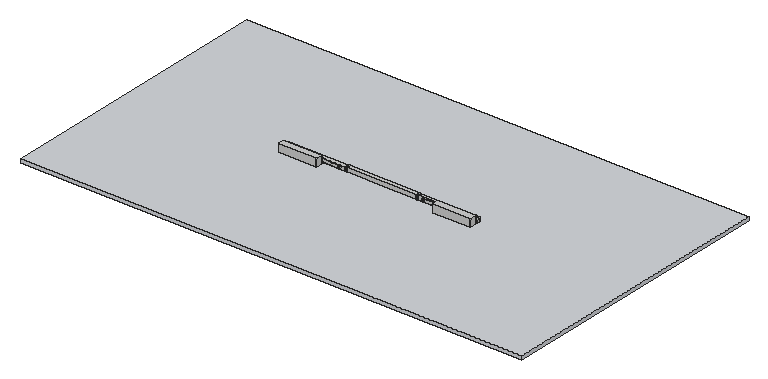
Revit family "Doors - Hardware_Double-Door_Dormakaba_TS98-GSR-EMF-XEA", category Allgemeines Modell, Revit 2016
Family settings
  Basisbauteil = Fläche
  Teiletyp = Normal
  Kann Basisbauteil für Bewehrung sein = Nein
  Bemaßung runder Anschluss = Durchmesser verwenden
  OmniClass-Nummer = 23.30.40.11.27.11
  OmniClass-Titel = Door Closers
  Beim Laden mit Abzugskörper schneiden = Nein
  Gemeinsam genutzt = Nein
  Raumberechnungspunkt = Nein
Parameters
  Youtube clip = ""
  Weight Net (Kg) = "3.7"
  Uniformat II Description = ""
  Uniformat II Code = ""
  Uniclass 2015 Name = "Uncontrolled door closers"
  Uniclass 2015 Code = "Pr_30_36_59_92"
  Uniclass 2.0 Description = ""
  Uniclass 2.0 Code = ""
  Uniclass 1.4 Description = "Door closers"
  Uniclass 1.4 Code = "L41812"
  UNSPSC Code = ""
  Technical description = ""
  Push side = TS98-GSR-EMF-XEA_Push-Side-Door_Fixing : TS98-GSR-EMF-XEA_Push-Side-Door_Fixing
  Pull Side Door = TS98-GSR-EMF-XEA-Pull-Side-Door_Fixing : TS98-GSR-EMF-XEA-Pull-Side-Door_Fixing
  Product url = "http://www.dorma.com/gb/en/products/opening_closing/door_closers/index-23222-23225.html"
  Product certification = ""
  Product SKU = "g-sr_emf_xea"
  Primary Material = Aluminium-Dormakaba-Anodized Silver
  Operator Length [instance] = if(Door Closers Types = Pull Side Door, 592 mm, 627 mm)  # 592 mm
  Opening Angle = 0.00°
  OmniClass Description = "Door Closers"
  OmniClass Code = "23-17 19 11 19 11"
  Nominal width = 3051 mm
  Nominal height = 30 mm
  NBS Reference Description = "Door Hardware Systems"
  NBS Reference Code = "25-38-20-20"
  Max Depth Jamb to Door = if(and(Door Closers Types = Pull Side Door, Depth Jamb to Door > 16 mm), 16 mm, if(and(Door Closers Types = Push side, Depth Jamb to Door > 26 mm), 26 mm, Depth Jamb to Door))  # 0 mm
  Material secondary = "Zink"
  Material main = "Aluminium"
  Manufacturer name = "DORMA"
  Manufacturer country = "Germany"
  Installation instructions = ""
  Hinge Length Constraint [instance] = if(and(Door Closers Types = Pull Side Door, Hinge Distance < 1220 mm), 1220 mm, if(and(Door Closers Types = Push side, Hinge Distance < 1350 mm), 1350 mm, if(and(Door Closers Types = Pull Side Door, Hinge Distance > 3200 mm), 3200 mm, if(and(Door Closers Types = Push side, Hinge Distance > 3200 mm), 3200 mm, Hinge Distance))))  # 1800 mm
  Hinge Distance = 1800 mm
  Height Clearance [instance] = if(Door Closers Types = Push side, 130 mm, 143 mm)  # 143 mm
  Front Position Closer Height [instance] = if(Door Closers Types = Pull Side Door, 96 mm, 83 mm)  # 96 mm
  Extension Legth [instance] = Hinge Length Constraint - 2 * Operator Length  # 616 mm
  Extension Height = 17 mm  # constant formula
  Edition number = 1
  EAN code = ""
  Door Closers Types = TS98-GSR-EMF-XEA-Pull-Side-Door_Fixing : TS98-GSR-EMF-XEA-Pull-Side-Door_Fixing
  Design country = "Germany"
  Depth Jamb to Door = 0 mm
  Default Elevation = 1219.2 mm
  Date of publishing = ""
  Clearance Visibility [instance] = yes
  Brand url = "http://www.dormakaba.com"
Reference planes
  plane 1 "Center (Front/Back)": y = 0
  plane 2: z = 0
  plane 3 "Center (Left/Right)": x = 0
  plane 4: y = -100
  plane 5: x = 74.5
  plane 6: y = -4
  plane 7: x = 1800
  plane 8: x = 1725.5
  plane 9: x = 592
  plane 10: x = 1208
  plane 11: y = 13
  plane 12: y = 35.947
  plane 13: x = 583
  plane 14: x = 601
  plane 15: x = 1199
  plane 16: y = 12
  plane 17: x = 1217
  plane 18: y = 43.305
  plane 19: z = 0
Forms (mm)
  Extrusion 1, solid
    sketch origin (0, 0, 0) x (1, 0, 0) y (0, 1, 0)
      loop
        line (-1219.2, 1219.2) -> (-1219.2, -1219.2) -> (3090.003, -1219.2) -> (3090.003, 1219.2) -> (-1219.2, 1219.2)
    from 0 to -33.658
  Extrusion 2, solid, material "Aluminium-Dormakaba-Anodized Silver" <- "Primary Material"
    sketch origin (0, 0, 0) x (1, 0, 0) y (0, 1, 0)
      loop
        line (592, 13) -> (1208, 13) -> (1208, 43) -> (592, 43) -> (592, 13)
    from 0 to 34
  Extrusion 3, solid, material "Aluminium-Dormakaba-Anodized Silver" <- "Primary Material"
    sketch origin (0, 0, 0) x (1, 0, 0) y (0, 1, 0)
      loop
        line (583, 12) -> (601, 12) -> (601, 44.602) -> (583, 44.602) -> (583, 12)
    from 0 to 35
  Extrusion 4, solid, material "Aluminium-Dormakaba-Anodized Silver" <- "Primary Material"
    sketch origin (246, 0, 0) x (1, 0, 0) y (0, 1, 0)
      loop
        line (953, 12) -> (971, 12) -> (971, 44.602) -> (953, 44.602) -> (953, 12)
    from 0 to 35
Dimensions and locks
  locked: plane 4 to plane 1 "Center (Front/Back)" at 100
  locked: plane 3 "Center (Left/Right)" to plane 5 at 74.5
  "Front Position Closer Height": plane 6 to plane 4
  locked: plane 8 to plane 7 at 74.5
  "Hinge Length Constraint": plane 3 "Center (Left/Right)" to plane 7
  "Operator Length": plane 3 "Center (Left/Right)" to plane 9
  "Extension Height": plane 11 to plane 6
  plane 13 to plane 9 to plane 14 = 9 mm locked, 9 mm locked
  "Extension Legth": plane 9 to plane 10
  plane 15 to plane 10 to plane 17 = 9 mm locked, 9 mm locked
  Extrusion 4 sketch curve to Extrusion 4 sketch curve = 32.602 mm
  plane 16 to Extrusion 3 sketch curve = 32.602 mm
  locked: plane 11 to plane 16 at 1
  Extrusion 2 sketch curve to Extrusion 2 sketch curve = 30 mm
  "Max Depth Jamb to Door": plane 2 to plane 19
  aligned and locked: Extrusion 1 to plane 2
  aligned and locked: Extrusion 1 to level
  aligned and locked: Extrusion 2 to plane 9  (x3)
  aligned and locked: Extrusion 3 sketch curve to plane 13
  aligned and locked: plane 14 to Extrusion 3 sketch curve
  aligned and locked: plane 16 to Extrusion 3  (x4)
  aligned and locked: plane 10 to Extrusion 2  (x3)
  aligned and locked: plane 16 to Extrusion 4  (x4)
  aligned and locked: Extrusion 4 to plane 15  (x3)
  aligned and locked: plane 17 to Extrusion 4  (x3)
  aligned and locked: Extrusion 3 to plane 13  (x3)
  aligned and locked: plane 14 to Extrusion 3  (x3)
  aligned and locked: Extrusion 4 to Extrusion 3
  aligned and locked: Extrusion 2 to plane 11
  aligned and locked: plane 3 "Center (Left/Right)" to nested 1
  aligned and locked: nested 1 to plane 6
  aligned and locked: plane 7 to nested 2
  aligned and locked: nested 2 to plane 6
  aligned and locked: plane 4 to nested 3
  aligned and locked: plane 3 "Center (Left/Right)" to nested 3
  aligned and locked: nested 4 to plane 19
  aligned and locked: plane 3 "Center (Left/Right)" to nested 4
Automatic sketch dimensions
  Extrusion 1 sketch curve to Extrusion 1 sketch curve = 4309.203 mm
  Extrusion 1 sketch curve to Extrusion 1 sketch curve = 2438.4 mm
  Extrusion 2 sketch curve to plane 9 = 0 mm
  Extrusion 2 sketch curve to plane 11 = 0 mm
  plane 16 to Extrusion 3 sketch curve = 0 mm
  Extrusion 4 sketch curve to plane 15 = 0 mm
  Extrusion 4 sketch curve to plane 17 = 0 mm
  plane 16 to Extrusion 4 sketch curve = 0 mm
  Extrusion 2 sketch curve to plane 10 = 0 mm
Nested families
  nested 1: "TS98-GSR-EMF-XEA-Pull-Side-Door_Fixing" at (0, -4, 0), type <- "Door Closers Types", type "TS98-GSR-EMF-XEA-Pull-Side-Door_Fixing"
  nested 2: "TS98-GSR-EMF-XEA-Pull-Side-Door_Fixing" at (1800, -4, 0) x (-1, 0, 0) z (0, 0, 1), type <- "Door Closers Types", type "TS98-GSR-EMF-XEA-Pull-Side-Door_Fixing"
  nested 3: "V2" at (0, 0, 0), type "V2"
    with width 1800 mm
  nested 4: "V3" at (0, 0, 0) x (1, 0, 0) z (0, -1, 0), type "V3"
    with W 1800 mm
Definition of nested family "TS98-GSR-EMF-XEA-Pull-Side-Door_Fixing"
  Parameters (values of type "TS98-GSR-EMF-XEA-Pull-Side-Door_Fixing")
    visibility = yes
    Primary Material = none
    Position closer = 0 mm
    Position Closer Control = 16 mm
    Operator distributed length = 591.9 mm  # constant formula
    Opening Angle = 0.00°
    Max Door Width = "Door Width=1400mm"  # constant formula
    Default Elevation = 1219.2 mm
    Axis 2 V = 15.5 mm  # constant formula
    Axis 2 H = Operator distributed length - Axis 1 H + (sqrt((374 mm) ^ 2 - (Axis 1 V - Axis 2 V) ^ 2))  # 540.041 mm
    Axis 1 V = (178.9 mm * sin(11.938° + Opening Angle)) + 60 mm  # 97.006 mm
    Axis 1 H = Operator distributed length - (178.9 mm * cos(11.938° + Opening Angle))  # 416.869 mm
  Reference planes
    plane 1 "Center (Front/Back)": y = 0
    plane 2: z = 0
    plane 3 "Center (Left/Right)": x = 0
    plane 4: y = 4
    plane 5: z = 0
    plane 6: x = 175.031
    plane 7: x = 540.041
    plane 8: x = 74.4
    plane 9: x = 591.9
    plane 10: z = 37.006
    plane 11: z = 15.5
    plane 12: x = 364.726
    plane 13: y = 0
    plane 14: y = -96
    plane 15: x = 401.4
    plane 16: z = -60
    plane 17: z = 65
  Forms (mm)
    Extrusion 1, solid
      sketch origin (0, 0, 0) x (1, 0, 0) y (0, 1, 0)
        loop
          line (-1219.2, 1219.2) -> (-1219.2, -1219.2) -> (1219.2, -1219.2) -> (1219.2, 1219.2) -> (-1219.2, 1219.2)
      from 0 to -304.8
    Extrusion 2, solid, material <- "Primary Material"
      sketch origin (0, 0, 0) x (1, 0, 0) y (0, 1, 0)
        loop
          arc (79.425, 47.305) -> (75.771, 44.296) -> (74.4, 39.767) r 8.168
          line (74.4, 39.767) -> (74.4, 22.505)
          arc (74.4, 22.505) -> (75.923, 18.828) -> (79.6, 17.305) r 5.2
          line (79.6, 17.305) -> (586.7, 17.305)
          arc (586.7, 17.305) -> (590.377, 18.828) -> (591.9, 22.505) r 5.2
          line (591.9, 22.505) -> (591.9, 42.105)
          arc (591.9, 42.105) -> (590.377, 45.782) -> (586.7, 47.305) r 5.2
          line (586.7, 47.305) -> (79.425, 47.305)
      from 0 to 34
    Sweep 3, solid, material <- "Primary Material"
      path origin (175.031, 0, 37.006) x (0.998269, 0, -0.058817) y (0.058817, 0, 0.998269)
        loop
          line (0, 0) -> (365.644, 0)
      profile origin (357.536, 0, 26.253) x (0.058817, 0, 0.998269) y (0, -1, 0)
        loop
          line (-11, -10.9) -> (-11, -15.9) -> (11, -15.9) -> (11, -10.9) -> (-11, -10.9)
    Revolve 4, solid, material <- "Primary Material"
      sketch origin (549.133, -4572, 15.5) x (-1, 0, 0) y (0, -1, 0)
        loop
          line (9.092, -4582.9) -> (9.092, -4582) -> (4.117, -4582) -> (4.117, -4582.9) -> (9.092, -4582.9)
        axis (9.092, -4582.9) -> (9.092, -4581.9)
      angle from 0 to 360
    Extrusion 5, solid, material <- "Primary Material"
      sketch origin (175.031, 0, 37.006) x (0.998269, 0, -0.058817) y (0.058817, 0, 0.998269)
        loop
          circle (365.644, 0) r 8
      from -16.705 to -15.9
    Extrusion 6, solid, material <- "Primary Material"
      sketch origin (0, 0, -10) x (-0.642788, 0, 0.766044) y (-0.766044, 0, -0.642788)
        loop
          circle (-76.499, -164.296) r 11
      from -15.9 to -10.9
    Extrusion 7, solid, material <- "Primary Material"
      sketch origin (0, 0, -10) x (-0.642788, 0, 0.766044) y (-0.766044, 0, -0.642788)
        loop
          circle (-76.499, -164.296) r 11
      from -10.9 to 0
    Extrusion 8, solid, material <- "Primary Material"
      sketch origin (0, 0, -10) x (-0.642788, 0, 0.766044) y (-0.766044, 0, -0.642788)
        loop
          circle (-327.598, -430.087) r 11
      from -15.9 to -10.9
  Lines and regions (mm)
    reference lines
      curve 1: line (0, 0, 0) -> (591.9, 0, 0)
      curve 2: line (175.031, 0, 37.006) -> (540.041, 0, 15.5)
    symbolic lines, visible <- "visibility"
      curve 3: line (0, -60, 0) -> (0, -60, 65)
      curve 4: line (0, 47.305, 0) -> (0, 47.305, 65)
      curve 5: line (0, 47.305, 65) -> (0, -60, 65)
      curve 6: line (0, 47.305, 0) -> (0, -60, 0)
  Dimensions and locks
    "Position closer": level to plane 5
    plane 3 "Center (Left/Right)" to plane 8 to plane 9 = 74.4 mm locked, 517.5 mm locked
    "Axis 2 V": plane 11 to level
    "Axis 2 H": plane 7 to plane 3 "Center (Left/Right)"
    "Operator distributed length": plane 3 "Center (Left/Right)" to plane 9
    "Operator distributed length": curve 1 to curve 1
    "Axis 1 H": plane 9 to plane 6
    plane 9 to plane 8 = 517.5 mm
    locked: plane 4 to plane 14 at 100
    locked: plane 14 to plane 13 at 96
    "Axis 1 V": plane 10 to plane 16
    locked: plane 5 to plane 16 at 60
    locked: plane 17 to plane 5 at 65
    radius of Extrusion 6 sketch curve = 11 mm
    radius of Extrusion 7 sketch curve = 11 mm
    radius of Extrusion 8 sketch curve = 11 mm
    "Opening Angle": angle plane 5 to curve 1
    aligned and locked: plane 2 to Extrusion 1
    aligned and locked: level to Extrusion 1
    aligned and locked: plane 3 "Center (Left/Right)" to curve 1
    aligned and locked: plane 5 to curve 1
    aligned and locked: plane 9 to Extrusion 2
    aligned and locked: Extrusion 2 to plane 8
    aligned and locked: plane 11 to Extrusion 5 sketch curve
    aligned and locked: plane 6 to Extrusion 6 sketch curve
    aligned and locked: plane 10 to Extrusion 6 sketch curve
    aligned and locked: plane 6 to Extrusion 7 sketch curve
    aligned and locked: plane 10 to Extrusion 7 sketch curve
    aligned and locked: plane 7 to Extrusion 8 sketch curve
    aligned and locked: plane 11 to Extrusion 8 sketch curve
    aligned and locked: plane 3 "Center (Left/Right)" to nested 1
    aligned and locked: plane 5 to nested 1  (x2)
    aligned and locked: nested 1 to plane 1 "Center (Front/Back)"
    aligned and locked: curve 5 to plane 17
    aligned and locked: curve 6 to plane 5
  Automatic sketch dimensions
    Extrusion 1 sketch curve to Extrusion 1 sketch curve = 2438.4 mm  (x2)
    Extrusion 2 sketch curve to plane 8 = 0 mm
    Extrusion 2 sketch curve to plane 9 = 0 mm
    plane 8 to Extrusion 2 sketch curve = 5.025 mm
    plane 8 to Extrusion 2 sketch curve = 5.2 mm
    plane 8 to Extrusion 2 sketch curve = 8.168 mm
    Extrusion 2 sketch curve to plane 9 = 5.2 mm  (x2)
    plane 4 to Extrusion 2 sketch curve = 13.305 mm
    Extrusion 2 sketch curve to Extrusion 2 sketch curve = 19.6 mm
    Sweep 3 sketch curve to curve 2 = 0 mm  (x3)
    curve 2 to Extrusion 5 sketch curve = 0 mm
    profile plane to Sweep 3 sketch curve = 11 mm
    Sweep 3 sketch curve to profile plane = 11 mm
    Sweep 3 sketch curve to profile plane = 15.9 mm
    Sweep 3 sketch curve to Sweep 3 sketch curve = 5 mm
    Revolve 4 sketch curve to plane 7 = 0 mm  (x2)
    plane 7 to Revolve 4 sketch curve = 4.975 mm
    plane 4 to Revolve 4 sketch curve = 6.9 mm
    Revolve 4 sketch curve to Revolve 4 sketch curve = 0.9 mm
    Revolve 4 sketch curve to Revolve 4 sketch curve = 0 mm  (x2)
    plane 14 to curve 3 = 36 mm
    plane 4 to curve 5 = 43.305 mm
    curve 2 to plane 6 = 0 mm
    curve 2 to plane 7 = 0 mm
    curve 2 to plane 11 = 0 mm
    curve 2 to plane 10 = 0 mm
    radius of Extrusion 5 sketch curve = 8 mm
  Nested families
    nested 1: "Body" at (0, -60, 0), type "Family22"
  Definition of nested family "Body"
    Parameters (values of type "Family22")
      Primary Material = none
      Angle = 0.00°
    Reference planes
      plane 1 "Center (Front/Back)": y = 0
      plane 2: z = 0
      plane 3 "Center (Left/Right)": x = 0
    Forms (mm)
      Sweep 1, solid, material <- "Primary Material"
        path origin (0, 0, 0) x (0, 0, 1) y (-1, 0, 0)
          loop
            line (0, 0) -> (65, 0)
        profile "Family18 : Family18" origin (0, 0, 32.5) x (-1, 0, 0) y (0, -1, 0)
          loop
            line (-80, 0) -> (-396, 0)
            arc (-396, 0) -> (-399.889, -1.611) -> (-401.5, -5.5) r 5.5
            line (-401.5, -5.5) -> (-401.5, -54.5)
            arc (-401.5, -54.5) -> (-399.889, -58.389) -> (-396, -60) r 5.5
            line (-396, -60) -> (-80, -60)
            arc (-80, -60) -> (-76.111, -58.389) -> (-74.5, -54.5) r 5.5
            line (-74.5, -54.5) -> (-74.5, -5.5)
            arc (-74.5, -5.5) -> (-76.111, -1.611) -> (-80, 0) r 5.5
    Lines and regions (mm)
      reference lines
        curve 1: line (0, 0, 0) -> (1540, 0, 0)
        curve 2: line (0, 0, 0) -> (0, 0, 420)
    Dimensions and locks
      locked: Sweep 1 sketch curve to Sweep 1 sketch curve at 65
      "Angle": angle level to curve 1
      angle curve 1 to curve 2 = 90.00°
      aligned and locked: level to plane 2
      aligned and locked: plane 2 to curve 2
      aligned and locked: plane 3 "Center (Left/Right)" to curve 2
      aligned and locked: Sweep 1 sketch curve to curve 2
    Automatic sketch dimensions
      Sweep 1 sketch curve to curve 2 = 0 mm
Definition of nested family "V2"
  Parameters (values of type "V2")
    a = 107 mm
    Visible = yes
    width = 845 mm
    H = 143 mm
  Reference planes
    plane 1 "Center (Front/Back)": y = 0
    plane 2: z = 0
    plane 3 "Center (Left/Right)": x = 0
    plane 4: y = -100
    plane 5: y = 43
  Lines and regions (mm)
    detail lines, in view "Ref. Level", visible <- "Visible"
      curve 1: line (0, -64, 0) -> (0, 43, 0)
      curve 2: line (0, 43, 0) -> (845, 43, 0)
      curve 3: line (845, 43, 0) -> (845, -64, 0)
      curve 4: line (845, -64, 0) -> (0, -64, 0)
  Dimensions and locks
    "a": curve 2 to curve 4
    "width": curve 1 to curve 3
    locked: plane 1 "Center (Front/Back)" to plane 4 at 100
    "H": plane 5 to plane 4
  Automatic sketch dimensions
    curve 1 to plane 3 "Center (Left/Right)" = 0 mm
    curve 3 to plane 5 = 0 mm
Definition of nested family "V3"
  Parameters (values of type "V3")
    a = 65 mm
    Visible = yes
    W = 627 mm
  Reference planes
    plane 1 "Center (Front/Back)": y = 0
    plane 2: z = 0
    plane 3 "Center (Left/Right)": x = 0
  Lines and regions (mm)
    detail lines, in view "Ref. Level", visible <- "Visible"
      curve 1: line (0, 0, 0) -> (0, 65, 0)
      curve 2: line (0, 65, 0) -> (627, 65, 0)
      curve 3: line (627, 65, 0) -> (627, 0, 0)
      curve 4: line (627, 0, 0) -> (0, 0, 0)
  Dimensions and locks
    "a": curve 2 to curve 4
    "W": curve 1 to curve 3
  Automatic sketch dimensions
    curve 1 to plane 3 "Center (Left/Right)" = 0 mm
    plane 1 "Center (Front/Back)" to curve 4 = 0 mm
